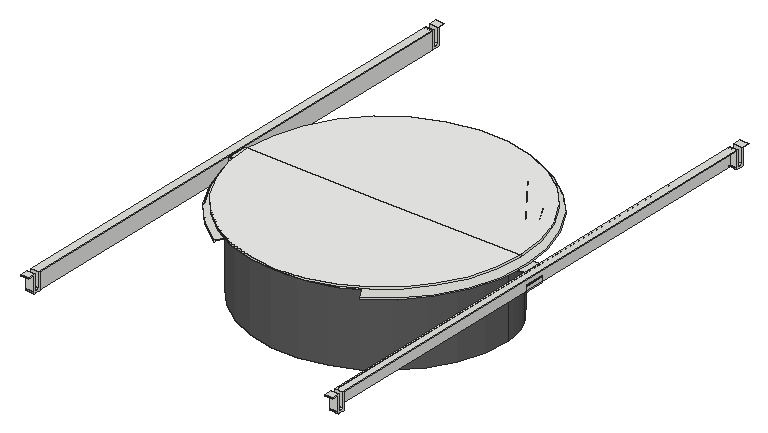
Revit family "Electronics_Desono_Biamp_Two-Way-High-Efficiency-Loudspeaker_DX-IC6LP", category Communication Devices, host Face, Revit 2020
Family settings
  Host = Face
  Maintain Annotation Orientation = No
  Round Connector Dimension = Use Diameter
  Part Type = Normal
  OmniClass Number = 23.85.10.11.14.14.14
  OmniClass Title = Loudspeakers
  Cut with Voids When Loaded = No
  Shared = No
  Room Calculation Point = No
Parameters (values of type "DX-IC6LP")
  Weight = 10.80 lbf  # constant formula
  Version = 1
  URL = "https://www.biamp.com/"
  Transducers = "LF 1 x 6.5 (165 mm) treated paper cone HF 1 x 1.0 (25 mm) treated soft dome driver with waveguide"  # constant formula
  Tile Bridge [instance] = yes
  Shipping Weight = 30.42 lbf  # constant formula
  Sensitivity = "87 dB (2.83 V); 87 dB (1 W at rated impedance 8 Ω)"  # constant formula
  Required Accessory = "65 Hz, 18 dB/oct. high pass flter; DSP preset for ALC or Tesira"  # constant formula
  Recommended Amplifers = "60 W - 120 W into 8 Ω, (22 V - 31 V)"  # constant formula
  Controls = "Front-face wattage / low impedance selector switch "  # constant formula
  Connector Description = "4-way Euroblock; Low impedance 8 ohms, 70/100V operation"  # constant formula
  Amplifers = "70 V: 60 W, 30 W, 15 W, 7.5 W, 3.75 W ; 100 V: 60 W, 30 W, 15 W, 7.5 W"  # constant formula
  Rated Maximum SPL (Processed) = "Peak - 115dB; Continuous -103dB"  # constant formula
  Rated Continuous Voltage = "21.9 V (27 dBV)"  # constant formula
  Product data url = "https://bimobject.com/biamp/product/dx-ic6lp-desono-ceiling-loudspeaker"
  Product Page URL = "https://www.biamp.com/products/product-families/desono/ceiling-loudspeakers#dx-ic6lp"
  Product Documentation Link = "https://downloads.biamp.com/assets/docs/default-source/data-sheets/biamp_data_sheet_desono_dx-ic6lp_may23.pdf"
  Operating Range (-10dB) = "63 Hz to 20 kHz"  # constant formula
  Operating Mode = "Passive with DSP"  # constant formula
  Operating Environment = "Indoor"  # constant formula
  Nominal Maximum SPL = "Peak - 109dB; Continuous -103dB"  # constant formula
  Nominal Continuous Power Handling = "22 V (60 W @ 8 Ω)"  # constant formula
  Nominal Beamwidth  (H x V) = "145°, conical"  # constant formula
  Nom ceiling thikness [instance] = if(or(Ceiling Thickness < 0.25197", Ceiling Thickness = 0.25197"), 0.25197", if(and(Ceiling Thickness > 0.25197", Ceiling Thickness < 3.54331"), Ceiling Thickness, if(or(Ceiling Thickness > 3.54331", Ceiling Thickness = 3.54331"), 3.54331", 0")))  # 0.25197"
  Mounting Provisions = "3 SpringLock™ mounting clamps with 33 mm (1.3) grip range"  # constant formula
  Model = "DX-IC6LP"  # constant formula
  Manufacturer = "Biamp"  # constant formula
  Input Connection = "4-position Euroblock connector"  # constant formula
  Housing Material = Biamp - Metal - Black
  Grill Material = Biamp - Plastic - White(Grid)
  Diameter = 13.4252"  # constant formula
  Description = "Desono™ DX-IC6LP Two-Way 6.5-Inch High Efficiency Ceiling Mount Loudspeaker"  # constant formula
  Depth = 3.89764"  # constant formula
  Default Elevation = 48"
  Date Updated = ""
  Date Created = "2023/08/21"
  Crossover Frequency = "2.5 kHz"  # constant formula
  Certifcations = "ETL listed to comply with UL1480A, UL2043 and CSA62368-1 Suitable for use in air handling spaces per NFPA 70 and NFPA 90"  # constant formula
  Ceiling Thickness [instance] = 0"
Reference planes (in)
  plane 1 "Center (Front/Back)": y = 0
  plane 2: z = 0
  plane 3 "Center (Left/Right)": x = 0
Forms (in)
  Revolve 1, solid, material "Biamp - Plastic - White(Grid)" <- "Grill Material"
    sketch origin (0, 0, 0) x (1, 0, 0) y (0, 0, 1)
      loop
        line (0, 0.07874) -> (-6.69291, 0.07874) -> (-6.69291, 0) -> (-6.10974, 0) -> (-6.10974, -0.3937) -> (0, -0.3937) -> (0, 0.07874)
      axis (0, -0.3937) -> (0, 0.07874)
    angle from 0 to 360
  Extrusion 2, solid, material "Biamp - Metal - Black" <- "Housing Material", detail levels coarse
    sketch origin (0, 0, 0) x (1, 0, 0) y (0, 1, 0)
      loop
        circle (0, 0) r 6.10728
    from -3.89764 to -0.3937
  Extrusion 3, solid, material "Biamp - Metal - Black" <- "Housing Material", detail levels medium+fine
    sketch origin (0, 0, 0) x (1, 0, 0) y (0, 1, 0)
      loop
        arc (-6.10728, 0) -> (0, -6.10728) -> (6.10728, 0) r 6.10728
        arc (6.10728, 0) -> (5.96959, 0.86434) -> (5.57015, 1.64312) r 2.78175
        line (5.57015, 1.64312) -> (2.81022, 5.30567)
        arc (2.81022, 5.30567) -> (2.39396, 5.65187) -> (1.86695, 5.77596) r 1.1811
        line (1.86695, 5.77596) -> (-1.86695, 5.77596)
        arc (-1.86695, 5.77596) -> (-2.39396, 5.65187) -> (-2.81022, 5.30567) r 1.1811
        line (-2.81022, 5.30567) -> (-5.57015, 1.64312)
        arc (-5.57015, 1.64312) -> (-5.96959, 0.86434) -> (-6.10728, 0) r 2.78175
    from -3.89764 to -0.3937
  Extrusion 4, void
    sketch origin (0, 5.65945, 0) x (1, 0, 0) y (0, 1, 0)
      loop
        line (-0.74666, -1.34345) -> (-0.74666, -1.73715) -> (0.74666, -1.73715) -> (0.74666, -1.34345) -> (-0.74666, -1.34345)
    from -4.12234 to -3.82627
  Extrusion 5, void
    sketch origin (0, 0, 0) x (1, 0, 0) y (0, 1, 0)
      loop
        circle (0, 0) r 6.14665
    from -4.39616 to 0
Cuts and joins
  Extrusion 4 cuts Extrusion 3
  Extrusion 4 cuts Revolve 1
  Extrusion 4 cuts Extrusion 2
Lines and regions (in)
  Masking region 1
    outline origin (0, 0, 0) x (1, 0, 0) y (0, 1, 0)
      loop
        line (-2.81022, 5.30567) -> (-5.57015, 1.64312)
        arc (-5.57015, 1.64312) -> (-5.96959, 0.86434) -> (-6.10728, 0) r 2.78175
        arc (-6.10728, 0) -> (0, -6.10728) -> (6.10728, 0) r 6.10728
        arc (6.10728, 0) -> (5.96959, 0.86434) -> (5.57015, 1.64312) r 2.78175
        line (5.57015, 1.64312) -> (2.81022, 5.30567)
        arc (2.81022, 5.30567) -> (2.39396, 5.65187) -> (1.86695, 5.77596) r 1.1811
        line (1.86695, 5.77596) -> (-1.86695, 5.77596)
        arc (-1.86695, 5.77596) -> (-2.39396, 5.65187) -> (-2.81022, 5.30567) r 1.1811
  Masking region 2
    outline origin (0, 0, 0) x (1, 0, 0) y (0, 1, 0)
      loop
        circle (0, 0) r 6.69291
  Masking region 3
    outline origin (0, 0, 0) x (1, 0, 0) y (0, 0, 1)
      loop
        line (-6.69291, 0.07874) -> (-6.69291, 0) -> (-6.14665, 0) -> (-6.14665, -0.3937) -> (6.14665, -0.3937) -> (6.14665, 0) -> (6.69291, 0) -> (6.69291, 0.07874) -> (-6.69291, 0.07874)
  Masking region 4
    outline origin (0, 0, 0) x (1, 0, 0) y (0, 0, 1)
      loop
        line (-6.10728, -0.3937) -> (-6.10728, -3.89764) -> (6.10728, -3.89764) -> (6.10728, -0.3937) -> (-6.10728, -0.3937)
  reference lines
    curve 1: line (-58.44901, 0, -0.25197) -> (-45.44901, 0, -0.25197)
    curve 2: line (0, -4.62706, -5.43695) -> (0, -7.12706, -5.43695)
Dimensions and locks (in)
  "Nom ceiling thikness": plane 2 to curve 1
  aligned and locked: plane 2 to host face
  aligned and locked: level to host face
Automatic sketch dimensions
  host sketch curve to host sketch curve = 96"  (x2)
  Extrusion 4 sketch curve to plane 3 "Center (Left/Right)" = 0.74666"
  Extrusion 4 sketch curve to Extrusion 4 sketch curve = 0.3937"
  plane 1 "Center (Front/Back)" to curve 2 = 7.12706"
  curve 2 to curve 2 = 2.5"
  curve 2 to level = 5.43695"
  Revolve 1 sketch curve to level = 0"
  Revolve 1 sketch curve to plane 3 "Center (Left/Right)" = 0"  (x2)
  Revolve 1 sketch curve to Revolve 1 sketch curve = 0.58317"
  Revolve 1 sketch curve to Revolve 1 sketch curve = 0.07874"
  Revolve 1 sketch curve to Revolve 1 sketch curve = 1.9685"
  Revolve 1 sketch curve to plane 3 "Center (Left/Right)" = 6.10974"
  Revolve 1 sketch curve to level = 0.3937"
  Revolve 1 sketch curve to Revolve 1 sketch curve = 1.69291"
  Extrusion 3 sketch curve to plane 3 "Center (Left/Right)" = 1.86695"
  Extrusion 3 sketch curve to Extrusion 3 sketch curve = 0.94327"  (x2)
  Extrusion 3 sketch curve to plane 1 "Center (Front/Back)" = 1.64312"  (x2)
  plane 3 "Center (Left/Right)" to Extrusion 3 sketch curve = 1.86695"
  plane 3 "Center (Left/Right)" to Extrusion 3 sketch curve = 3.32553"
  Extrusion 3 sketch curve to plane 1 "Center (Front/Back)" = 4.59486"
  Extrusion 3 sketch curve to Extrusion 3 sketch curve = 0"  (x2)
  Extrusion 3 sketch curve to Extrusion 3 sketch curve = 0.71081"
  plane 1 "Center (Front/Back)" to Extrusion 3 sketch curve = 0"
  Extrusion 3 sketch curve to plane 3 "Center (Left/Right)" = 0"
  Extrusion 3 sketch curve to Extrusion 3 sketch curve = 3.32553"
  Extrusion 3 sketch curve to Extrusion 3 sketch curve = 2.24462"
  Extrusion 3 sketch curve to Extrusion 3 sketch curve = 0.53714"
  plane 1 "Center (Front/Back)" to Masking region 1 sketch curve = 0"
  Masking region 1 sketch curve to plane 3 "Center (Left/Right)" = 0"
  Masking region 1 sketch curve to plane 3 "Center (Left/Right)" = 1.86695"
  Masking region 1 sketch curve to Masking region 1 sketch curve = 0.94327"  (x2)
  Masking region 1 sketch curve to Masking region 1 sketch curve = 3.32553"
  Masking region 1 sketch curve to plane 1 "Center (Front/Back)" = 1.64312"  (x2)
  Masking region 1 sketch curve to Masking region 1 sketch curve = 2.24462"  (x2)
  plane 3 "Center (Left/Right)" to Masking region 1 sketch curve = 1.86695"
  plane 3 "Center (Left/Right)" to Masking region 1 sketch curve = 3.32553"
  Masking region 1 sketch curve to plane 1 "Center (Front/Back)" = 4.59486"
  Masking region 1 sketch curve to Masking region 1 sketch curve = 0"  (x2)
  Masking region 1 sketch curve to Masking region 1 sketch curve = 0.71081"
  Masking region 2 sketch curve to Masking region 2 sketch curve = 0"  (x2)
  plane 1 "Center (Front/Back)" to Masking region 2 sketch curve = 0"
  Masking region 2 sketch curve to plane 3 "Center (Left/Right)" = 0"
  Masking region 2 sketch curve to Masking region 2 sketch curve = 6.69291"
  plane 1 "Center (Front/Back)" to Extrusion 5 sketch curve = 0"
  Extrusion 5 sketch curve to plane 3 "Center (Left/Right)" = 0"
  level to Masking region 3 sketch curve = 0.07874"
  Masking region 3 sketch curve to plane 3 "Center (Left/Right)" = 6.69291"
  Masking region 3 sketch curve to Masking region 3 sketch curve = 0.54626"  (x2)
  plane 3 "Center (Left/Right)" to Masking region 3 sketch curve = 6.69291"
  Masking region 3 sketch curve to level = 0.3937"
  Masking region 3 sketch curve to level = 0"  (x2)
  Masking region 4 sketch curve to plane 3 "Center (Left/Right)" = 6.10728"
  plane 3 "Center (Left/Right)" to Masking region 4 sketch curve = 6.10728"
  Masking region 4 sketch curve to level = 3.89764"
  Masking region 4 sketch curve to level = 0.3937"
  plane 3 "Center (Left/Right)" to Extrusion 4 sketch curve = 0.74666"
  Extrusion 4 sketch curve to plane 1 "Center (Front/Back)" = 3.9223"
  plane 1 "Center (Front/Back)" to Extrusion 2 sketch curve = 0"
  Extrusion 2 sketch curve to plane 3 "Center (Left/Right)" = 0"
  curve 1 to plane 3 "Center (Left/Right)" = 58.44901"
  curve 1 to curve 1 = 13"
  radius of Extrusion 5 sketch curve = 6.14665"
  radius of Extrusion 2 sketch curve = 6.10728"
Nested families (in)
  nested 1: "C-ring support plate" at (0, 0, -0.25197) x (-1, 0, 0) z (0, 0, -1), visible <- "Tile Bridge", type "C-ring support plate"
    with Housing Material Biamp - Metal - Silver
  nested 2: "Tile bridge rail" at (7.48105, 0, -0.25197) x (1, 0, 0) z (0, 0, -1), visible <- "Tile Bridge", type "Tile bridge rail"
    with Housing Material Biamp - Metal - Silver
  nested 3: "Tile bridge rail" at (-7.48105, 0, -0.25197) x (-1, 0, 0) z (0, 0, -1), visible <- "Tile Bridge", type "Tile bridge rail"
    with Housing Material Biamp - Metal - Silver
Connectors (in)
  electrical at (0, 4.11915, -3.82627), driven by "Connector Description"
    settings: on cut or joined group of Extrusion 3, Extrusion 4, index 3, voltage 0 V, apparent load 0 VA, apparent load phase1 0 VA, apparent load phase2 0 VA, apparent load phase3 0 VA, power factor 1, load classification "Other", number of poles 1, system type 5, power factor state 1, is connector primary yes, connector utility no, sub classification motor no, connector description "4-way Euroblock; Low impedance 8 ohms, 70/100V operation"
Definition of nested family "C-ring support plate"
  Parameters (values of type "C-ring support plate")
    Housing Material [instance] = none
    Height = 0"
    Default Elevation = 48"
  Reference planes (in)
    plane 1 "Center (Front/Back)": y = 0
    plane 2: z = 0
    plane 3 "Center (Left/Right)": x = 0
  Forms (in)
    Sweep 1, solid, material <- "Housing Material"
      path origin (0, 0, 0) x (1, 0, 0) y (0, 1, 0)
        loop
          arc (3.16323, -5.26449) -> (0, 6.14173) -> (-3.16323, -5.26449) r 6.14173
      profile origin (0, 6.14173, 0) x (0, -1, 0) y (0, 0, 1)
        loop
          line (0, 0) -> (0, -0.17583) -> (0.031, -0.17583) -> (0.031, 0.03125) -> (-0.7815, 0.03125) -> (-0.7815, 0.06226) -> (-0.81275, 0.06226) -> (-0.81275, 0) -> (0, 0)
    Extrusion 2, solid, material <- "Housing Material"
      sketch origin (0, 0, 0) x (1, 0, 0) y (0, 0, 1)
        loop
          line (-6.79316, 0.06226) -> (-7.25722, 0.06226) -> (-7.25722, 0.82332)
          arc (-7.25722, 0.82332) -> (-7.30649, 0.87259) -> (-7.35575, 0.82332) r 0.04926
          line (-7.35575, 0.82332) -> (-7.35575, 0.5871) -> (-7.38329, 0.55956) -> (-7.3612, 0.53746) -> (-7.33427, 0.56439) -> (-7.33427, 0.82442)
          arc (-7.33427, 0.82442) -> (-7.30649, 0.8522) -> (-7.27871, 0.82442) r 0.02778
          line (-7.27871, 0.82442) -> (-7.27871, 0.03101) -> (-6.79316, 0.03101) -> (-6.79316, 0.06226)
        loop
          line (6.79316, 0.06226) -> (6.79316, 0.03101) -> (7.27871, 0.03101) -> (7.27871, 0.82442)
          arc (7.27871, 0.82442) -> (7.30649, 0.8522) -> (7.33427, 0.82442) r 0.02778
          line (7.33427, 0.82442) -> (7.33427, 0.56439) -> (7.3612, 0.53746) -> (7.38329, 0.55956) -> (7.35575, 0.5871) -> (7.35575, 0.82332)
          arc (7.35575, 0.82332) -> (7.30649, 0.87259) -> (7.25722, 0.82332) r 0.04926
          line (7.25722, 0.82332) -> (7.25722, 0.06226) -> (6.79316, 0.06226)
      from -0.45703 to 0.4556
    Extrusion 3, void
      sketch origin (0, 0, 0) x (1, 0, 0) y (0, 1, 0)
        loop
          arc (-6.93101, 0.49084) -> (-6.95448, 0) -> (-6.93101, -0.49084) r 5.14478
          line (-6.93101, -0.49084) -> (-6.67724, -0.49084) -> (-6.67724, 0.49084) -> (-6.93101, 0.49084)
        loop
          line (6.93101, 0.49084) -> (6.75536, 0.49084) -> (6.75536, -0.49084) -> (6.93101, -0.49084)
          arc (6.93101, -0.49084) -> (6.95448, 0) -> (6.93101, 0.49084) r 5.14478
      from 0 to 12
  Cuts and joins
    Extrusion 3 cuts Extrusion 2
  Lines and regions (in)
    Masking region 1
      outline origin (0, 0, 0) x (1, 0, 0) y (0, 0, 1)
        loop
          line (-7.35575, 0.82332) -> (-7.35575, 0.5871) -> (-7.38329, 0.55956) -> (-7.3612, 0.53746) -> (-7.33427, 0.56439) -> (-7.33427, 0.82442)
          arc (-7.33427, 0.82442) -> (-7.30649, 0.8522) -> (-7.27871, 0.82442) r 0.02778
          line (-7.27871, 0.82442) -> (-7.27871, 0.03101) -> (-6.9538, 0.03101) -> (-6.9538, 0.06226) -> (-7.25722, 0.06226) -> (-7.25722, 0.82332)
          arc (-7.25722, 0.82332) -> (-7.30649, 0.87259) -> (-7.35575, 0.82332) r 0.04926
        loop
          arc (7.35575, 0.82332) -> (7.30649, 0.87259) -> (7.25722, 0.82332) r 0.04926
          line (7.25722, 0.82332) -> (7.25722, 0.06226) -> (6.9538, 0.06226) -> (6.9538, 0.03101) -> (7.27871, 0.03101) -> (7.27871, 0.82442)
          arc (7.27871, 0.82442) -> (7.30649, 0.8522) -> (7.33427, 0.82442) r 0.02778
          line (7.33427, 0.82442) -> (7.33427, 0.56439) -> (7.3612, 0.53746) -> (7.38329, 0.55956) -> (7.35575, 0.5871) -> (7.35575, 0.82332)
    Masking region 2
      outline origin (0, 0, 0) x (1, 0, 0) y (0, 0, 1)
        loop
          line (-6.96796, 0.06226) -> (-6.96796, 0) -> (-6.14173, 0) -> (-6.14173, -0.17583) -> (-3.14726, -0.17583) -> (-3.14726, 0) -> (-3.56585, 0) -> (-3.56585, 0.06226) -> (-6.96796, 0.06226)
        loop
          line (6.95448, 0.06226) -> (3.56585, 0.06226) -> (3.56585, 0) -> (3.14726, 0) -> (3.14726, -0.17583) -> (6.12826, -0.17583) -> (6.12826, 0) -> (6.95448, 0) -> (6.95448, 0.06226)
    Masking region 3
      outline origin (0, 0, 0) x (1, 0, 0) y (0, 0, 1)
        loop
          line (-3.56585, 0.06226) -> (-3.56585, 0) -> (-3.14726, 0) -> (-3.14726, -0.17583) -> (3.14726, -0.17583) -> (3.14726, 0) -> (3.56585, 0) -> (3.56585, 0.06226) -> (-3.56585, 0.06226)
    Masking region 4
      outline origin (0, 0, 0) x (1, 0, 0) y (0, 1, 0)
        loop
          line (-7.38329, 0.45703) -> (-7.38329, -0.4556) -> (-7.25722, -0.4556) -> (-7.25722, 0.45703) -> (-7.38329, 0.45703)
        loop
          line (7.38329, 0.45703) -> (7.25722, 0.45703) -> (7.25722, -0.4556) -> (7.38329, -0.4556) -> (7.38329, 0.45703)
    Masking region 5
      outline origin (0, 0, 0) x (1, 0, 0) y (0, 1, 0)
        loop
          line (-6.93609, 0.45703) -> (-7.25722, 0.45703) -> (-7.25722, -0.4556) -> (-6.93622, -0.4556)
          arc (-6.93622, -0.4556) -> (-6.95643, 0.00072) -> (-6.93609, 0.45703) r 5.14478
        loop
          arc (6.93414, 0.45703) -> (6.95448, 0.00072) -> (6.93427, -0.4556) r 5.14478
          line (6.93427, -0.4556) -> (7.25527, -0.4556) -> (7.25527, 0.45703) -> (6.93414, 0.45703)
    Masking region 6
      outline origin (0, 0, 0) x (1, 0, 0) y (0, 1, 0)
        loop
          arc (3.58182, -5.96115) -> (0, 6.95448) -> (-3.58182, -5.96115) r 6.95448
          line (-3.58182, -5.96115) -> (-3.56573, -5.93436)
          arc (-3.56573, -5.93436) -> (0, 6.92323) -> (3.56573, -5.93436) r 6.92323
          line (3.56573, -5.93436) -> (3.58182, -5.96115)
    Masking region 7
      outline origin (0, 0, 0) x (1, 0, 0) y (0, 1, 0)
        loop
          arc (-3.16323, -5.26449) -> (0, 6.14173) -> (3.16323, -5.26449) r 6.14173
          line (3.16323, -5.26449) -> (3.56573, -5.93436)
          arc (3.56573, -5.93436) -> (0, 6.92323) -> (-3.56573, -5.93436) r 6.92323
          line (-3.56573, -5.93436) -> (-3.16323, -5.26449)
  Dimensions and locks (in)
    aligned and locked: level to plane 2
Definition of nested family "Tile bridge rail"
  Parameters (values of type "Tile bridge rail")
    Housing Material [instance] = none
    Height = 0"
    Default Elevation = 48"
  Reference planes (in)
    plane 1 "Center (Front/Back)": y = 0
    plane 2: z = 0
    plane 3 "Center (Left/Right)": x = 0
  Forms (in)
    Extrusion 1, solid, material <- "Housing Material"
      sketch origin (0, 0, 0) x (0, 1, 0) y (0, 0, 1)
        loop
          line (12.13287, 0) -> (12.13287, 0.69091)
          arc (12.13287, 0.69091) -> (12.1534, 0.74045) -> (12.20295, 0.76098) r 0.07007
          line (12.20295, 0.76098) -> (12.29718, 0.76098)
          arc (12.29718, 0.76098) -> (12.34673, 0.74045) -> (12.36725, 0.69091) r 0.07007
          line (12.36725, 0.69091) -> (12.36725, 0) -> (12.77063, 0) -> (12.77063, 0.03125) -> (12.44537, 0.03125) -> (12.44537, 0.76488)
          arc (12.44537, 0.76488) -> (12.42364, 0.81736) -> (12.37116, 0.8391) r 0.07422
          line (12.37116, 0.8391) -> (12.12839, 0.8391)
          arc (12.12839, 0.8391) -> (12.07632, 0.81754) -> (12.05475, 0.76547) r 0.07364
          line (12.05475, 0.76547) -> (12.05475, 0.03125) -> (-12.00787, 0.03125) -> (-12.00787, 0.76547)
          arc (-12.00787, 0.76547) -> (-12.02944, 0.81754) -> (-12.08151, 0.8391) r 0.07364
          line (-12.08151, 0.8391) -> (-12.32428, 0.8391)
          arc (-12.32428, 0.8391) -> (-12.37676, 0.81736) -> (-12.3985, 0.76488) r 0.07422
          line (-12.3985, 0.76488) -> (-12.3985, 0.03125) -> (-12.72376, 0.03125) -> (-12.72376, 0) -> (-12.32037, 0) -> (-12.32037, 0.69091)
          arc (-12.32037, 0.69091) -> (-12.29985, 0.74045) -> (-12.2503, 0.76098) r 0.07007
          line (-12.2503, 0.76098) -> (-12.15607, 0.76098)
          arc (-12.15607, 0.76098) -> (-12.10652, 0.74045) -> (-12.086, 0.69091) r 0.07007
          line (-12.086, 0.69091) -> (-12.086, 0) -> (12.13287, 0)
      from -0.19922 to 0.19799
    Extrusion 2, solid, material <- "Housing Material"
      sketch origin (0.30078, 0, 0) x (1, 0, 0) y (0, 0, 1)
        loop
          line (-0.5, 0.83626) -> (-0.5, 0.03125) -> (-0.45094, 0.03125) -> (-0.45094, 0.83626) -> (-0.5, 0.83626)
      from -12.05475 to 12.00787
  Lines and regions (in)
    Masking region 1
      outline origin (0, 0, 0) x (1, 0, 0) y (0, 1, 0)
        loop
          line (-0.19922, 12.83313) -> (-0.19922, 12.00787) -> (0.19799, 12.00787) -> (0.19799, 12.83313) -> (-0.19922, 12.83313)
        loop
          line (-0.19922, -12.83313) -> (0.19799, -12.83313) -> (0.19799, -12.00787) -> (-0.19922, -12.00787) -> (-0.19922, -12.83313)
    Masking region 2
      outline origin (0, 0, 0) x (1, 0, 0) y (0, 1, 0)
        loop
          line (-0.19922, 12.00787) -> (-0.19922, -12.00787) -> (-0.15016, -12.00787) -> (-0.15016, 12.00787) -> (-0.19922, 12.00787)
    Masking region 3
      outline origin (0, 0, 0) x (1, 0, 0) y (0, 1, 0)
        loop
          line (-0.15016, 12.00787) -> (-0.15016, -12.00787) -> (0.19799, -12.00787) -> (0.19799, 12.00787) -> (-0.15016, 12.00787)
    Masking region 4
      outline origin (0, 0, 0) x (1, 0, 0) y (0, 0, 1)
        loop
          line (-0.2593, 0.83626) -> (-0.2593, 0.125) -> (0.25781, 0.125) -> (0.25781, 0.83626) -> (-0.2593, 0.83626)
    Masking region 5
      outline origin (0, 0, 0) x (1, 0, 0) y (0, 0, 1)
        loop
          line (-0.2593, 0.125) -> (-0.2593, 0) -> (0.25781, 0) -> (0.25781, 0.125) -> (-0.2593, 0.125)
  Dimensions and locks (in)
    aligned and locked: level to plane 2
